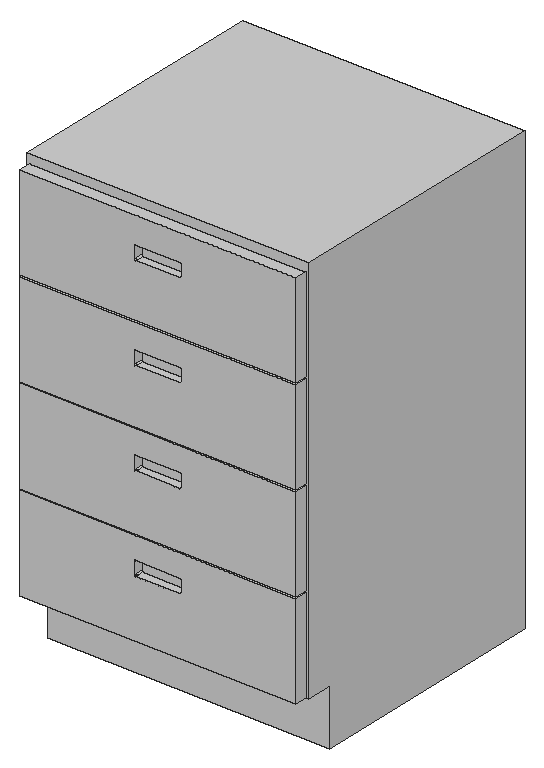
Revit family "WC32", category Specialty Equipment, Revit 2012
Parameters (values of type "Work Counter Unit w/ 4 Drawers (Default)")
  URL = "http://madixinc.com/store/pharmacy/counters.html"
  Model = "Work Counter"
  Manufacturer = "© 2012 Madix, Inc. All rights reserved."
Reference planes (in)
  plane 1 "Center (Front/Back)": y = 0
  plane 2: z = 0
  plane 3 "Center (Left/Right)": x = 0
  plane 4: x = -12
  plane 5: x = 12
  plane 6: y = 12
  plane 7: y = -12
  plane 8: z = 38
  plane 9: y = -11.875
  plane 10: x = 47
  plane 11: x = -11.75
  plane 12: x = 11.75
  plane 13: y = -11.25
  plane 14: z = 37.25
  plane 15: z = 35.25
  plane 16: z = 27.21875
  plane 17: z = 19.1875
  plane 18: z = 11.15625
Forms (in)
  Extrusion 1, solid, material "Metal - Steel"
    sketch origin (0, 0, 0) x (0, -1, 0) y (0, 0, -1)
      loop
        line (-12, 0) -> (-12, -38) -> (11, -38) -> (11, -4.75) -> (8.75, -4.75) -> (8.75, 0) -> (-12, 0)
    from -12 to 12
  Extrusion 2, solid, material "Metal - Steel"
    sketch origin (0, 0, 0) x (1, 0, 0) y (0, 0, 1)
      loop
        line (11.75, 37.25) -> (-11.75, 37.25) -> (-11.75, 29.21875) -> (11.75, 29.21875) -> (11.75, 37.25)
      loop
        line (-11.75, 29.09375) -> (-11.75, 21.0625) -> (11.75, 21.0625) -> (11.75, 29.09375) -> (-11.75, 29.09375)
      loop
        line (11.75, 20.9375) -> (-11.75, 20.9375) -> (-11.75, 12.90625) -> (11.75, 12.90625) -> (11.75, 20.9375)
      loop
        line (-11.75, 12.78125) -> (-11.75, 4.75) -> (11.75, 4.75) -> (11.75, 12.78125) -> (-11.75, 12.78125)
    from 11 to 11.25
  Extrusion 3, solid, material "Metal - Steel"
    sketch origin (0, 0, 0) x (1, 0, 0) y (0, 0, 1)
      loop
        arc (-1.875, 35.25) -> (-1.96339, 35.21339) -> (-2, 35.125) r 0.125
        line (-2, 35.125) -> (-2, 34.5) -> (-2, 33.875)
        arc (-2, 33.875) -> (-1.96339, 33.78661) -> (-1.875, 33.75) r 0.125
        line (-1.875, 33.75) -> (1.875, 33.75)
        arc (1.875, 33.75) -> (1.96339, 33.78661) -> (2, 33.875) r 0.125
        line (2, 33.875) -> (2, 34.5) -> (2, 35.125)
        arc (2, 35.125) -> (1.96339, 35.21339) -> (1.875, 35.25) r 0.125
        line (1.875, 35.25) -> (-1.875, 35.25)
      loop
        arc (-1.875, 27.21875) -> (-1.96339, 27.18214) -> (-2, 27.09375) r 0.125
        line (-2, 27.09375) -> (-2, 26.46875) -> (-2, 25.84375)
        arc (-2, 25.84375) -> (-1.96339, 25.75536) -> (-1.875, 25.71875) r 0.125
        line (-1.875, 25.71875) -> (1.875, 25.71875)
        arc (1.875, 25.71875) -> (1.96339, 25.75536) -> (2, 25.84375) r 0.125
        line (2, 25.84375) -> (2, 26.46875) -> (2, 27.09375)
        arc (2, 27.09375) -> (1.96339, 27.18214) -> (1.875, 27.21875) r 0.125
        line (1.875, 27.21875) -> (-1.875, 27.21875)
      loop
        arc (-1.875, 19.1875) -> (-1.96339, 19.15089) -> (-2, 19.0625) r 0.125
        line (-2, 19.0625) -> (-2, 18.4375) -> (-2, 17.8125)
        arc (-2, 17.8125) -> (-1.96339, 17.72411) -> (-1.875, 17.6875) r 0.125
        line (-1.875, 17.6875) -> (1.875, 17.6875)
        arc (1.875, 17.6875) -> (1.96339, 17.72411) -> (2, 17.8125) r 0.125
        line (2, 17.8125) -> (2, 18.4375) -> (2, 19.0625)
        arc (2, 19.0625) -> (1.96339, 19.15089) -> (1.875, 19.1875) r 0.125
        line (1.875, 19.1875) -> (-1.875, 19.1875)
      loop
        arc (-1.875, 11.15625) -> (-1.96339, 11.11964) -> (-2, 11.03125) r 0.125
        line (-2, 11.03125) -> (-2, 10.40625) -> (-2, 9.78125)
        arc (-2, 9.78125) -> (-1.96339, 9.69286) -> (-1.875, 9.65625) r 0.125
        line (-1.875, 9.65625) -> (1.875, 9.65625)
        arc (1.875, 9.65625) -> (1.96339, 9.69286) -> (2, 9.78125) r 0.125
        line (2, 9.78125) -> (2, 10.40625) -> (2, 11.03125)
        arc (2, 11.03125) -> (1.96339, 11.11964) -> (1.875, 11.15625) r 0.125
        line (1.875, 11.15625) -> (-1.875, 11.15625)
      loop
        line (-11.75, 37.25) -> (-11.75, 29.21875) -> (11.75, 29.21875) -> (11.75, 37.25) -> (-11.75, 37.25)
      loop
        line (-11.75, 29.09375) -> (-11.75, 21.0625) -> (11.75, 21.0625) -> (11.75, 29.09375) -> (-11.75, 29.09375)
      loop
        line (11.75, 20.9375) -> (-11.75, 20.9375) -> (-11.75, 12.90625) -> (11.75, 12.90625) -> (11.75, 20.9375)
      loop
        line (-11.75, 12.78125) -> (-11.75, 4.75) -> (11.75, 4.75) -> (11.75, 12.78125) -> (-11.75, 12.78125)
    from 11.25 to 11.875
  Extrusion 4, solid, material "Metal - Steel"
    sketch origin (0, 0, 0) x (1, 0, 0) y (0, 0, 1)
      loop
        line (-11.75, 37.25) -> (-11.75, 29.21875) -> (11.75, 29.21875) -> (11.75, 37.25) -> (-11.75, 37.25)
      loop
        line (11.75, 29.09375) -> (-11.75, 29.09375) -> (-11.75, 21.0625) -> (11.75, 21.0625) -> (11.75, 29.09375)
      loop
        line (-11.75, 20.9375) -> (-11.75, 12.90625) -> (11.75, 12.90625) -> (11.75, 20.9375) -> (-11.75, 20.9375)
      loop
        line (11.75, 12.78125) -> (-11.75, 12.78125) -> (-11.75, 4.75) -> (11.75, 4.75) -> (11.75, 12.78125)
      loop
        line (-2, 34.875) -> (-2, 33.875)
        arc (-2, 33.875) -> (-1.96339, 33.78661) -> (-1.875, 33.75) r 0.125
        line (-1.875, 33.75) -> (1.875, 33.75)
        arc (1.875, 33.75) -> (1.96339, 33.78661) -> (2, 33.875) r 0.125
        line (2, 33.875) -> (2, 34.875)
        arc (2, 34.875) -> (1.96339, 34.96339) -> (1.875, 35) r 0.125
        line (1.875, 35) -> (-1.875, 35)
        arc (-1.875, 35) -> (-1.96339, 34.96339) -> (-2, 34.875) r 0.125
      loop
        line (-2, 26.84375) -> (-2, 25.84375)
        arc (-2, 25.84375) -> (-1.96339, 25.75536) -> (-1.875, 25.71875) r 0.125
        line (-1.875, 25.71875) -> (1.875, 25.71875)
        arc (1.875, 25.71875) -> (1.96339, 25.75536) -> (2, 25.84375) r 0.125
        line (2, 25.84375) -> (2, 26.84375)
        arc (2, 26.84375) -> (1.96339, 26.93214) -> (1.875, 26.96875) r 0.125
        line (1.875, 26.96875) -> (-1.875, 26.96875)
        arc (-1.875, 26.96875) -> (-1.96339, 26.93214) -> (-2, 26.84375) r 0.125
      loop
        line (-2, 18.8125) -> (-2, 17.8125)
        arc (-2, 17.8125) -> (-1.96339, 17.72411) -> (-1.875, 17.6875) r 0.125
        line (-1.875, 17.6875) -> (1.875, 17.6875)
        arc (1.875, 17.6875) -> (1.96339, 17.72411) -> (2, 17.8125) r 0.125
        line (2, 17.8125) -> (2, 18.8125)
        arc (2, 18.8125) -> (1.96339, 18.90089) -> (1.875, 18.9375) r 0.125
        line (1.875, 18.9375) -> (-1.875, 18.9375)
        arc (-1.875, 18.9375) -> (-1.96339, 18.90089) -> (-2, 18.8125) r 0.125
      loop
        line (-2, 10.78125) -> (-2, 9.78125)
        arc (-2, 9.78125) -> (-1.96339, 9.69286) -> (-1.875, 9.65625) r 0.125
        line (-1.875, 9.65625) -> (1.875, 9.65625)
        arc (1.875, 9.65625) -> (1.96339, 9.69286) -> (2, 9.78125) r 0.125
        line (2, 9.78125) -> (2, 10.78125)
        arc (2, 10.78125) -> (1.96339, 10.86964) -> (1.875, 10.90625) r 0.125
        line (1.875, 10.90625) -> (-1.875, 10.90625)
        arc (-1.875, 10.90625) -> (-1.96339, 10.86964) -> (-2, 10.78125) r 0.125
    from 11.875 to 12
Cuts and joins
  joined: Extrusion 2, Extrusion 3, Extrusion 4
Dimensions and locks (in)
  aligned and locked: level to plane 2
  aligned and locked: plane 9 to Extrusion 4
